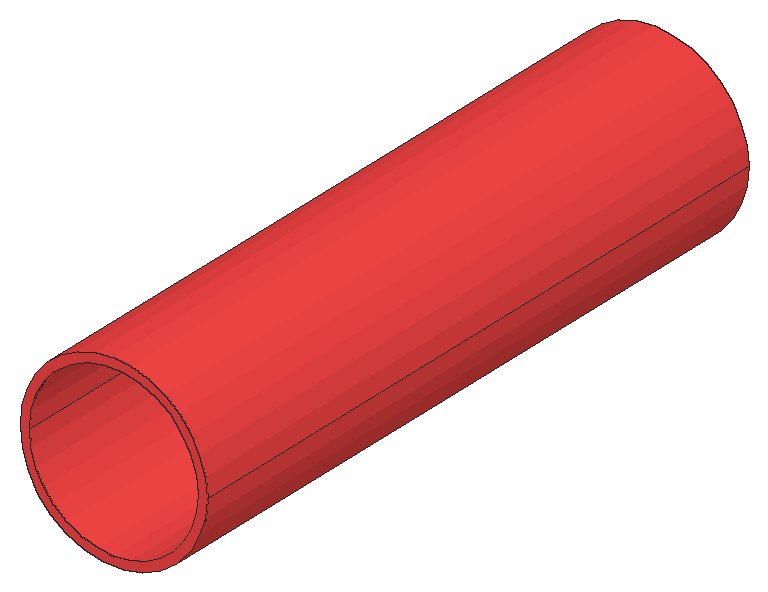
Revit family "M_Firefly Oversleeve_Ventilation", category Specialty Equipment, Revit 2015
Parameters (values of type "FF109 Firefly Oversleeve - Duct Ø75mm")
  Wall Width [instance] = 200 mm
  URL = "https://www.tenmat.com/passive-fire-protection"
  Tenmat Item Number = "I109BT00170067020000"
  Youtube clip = "https://www.youtube.com/watch?v=qLyTY9hMMF8&feature=youtu.be"
  Length Control [instance] = if(Length < 1 mm, 1 mm, (if(Length > 180 mm, 180 mm, Length)))  # 180 mm
  Conduit Material Suitability = "HDEP, UPVC, PVC,"
  Performance = "BS EN 1366-3:2009 & BS 476, ETA-12/0332, 1224-CPR-0341, CE Marked"
  OutsideRadius = InsideRadius + 4 mm  # 41.5 mm
  Model = ""
  Material = "Intumescent Sealant"
  Manufacturer = "Tenmat ltd"
  Length [instance] = Wall Width + 50 mm * 2  # 300 mm
  IFC Classification = "Building Element Proxy"
  InsideRadius = Duct Diameter / 2  # 37.5 mm
  Description = "FireFly 109 Fire Sleeve for 17mm pipe - 200mm Length"
  Duct Diameter = 75 mm
  Cut length [instance] = pi() * Duct Diameter  # 235.619 mm
  Assembly Code = ""
Reference planes
  plane 1 "Center (Front/Back)": y = 0
  plane 2: z = 0
  plane 3 "Center (Left/Right)": x = 0
  plane 4 "Back": y = 150
  plane 5 "Front": y = -150
  plane 6: y = 0.5
Forms (mm)
  Extrusion 1, solid, material "Tenmat"
    sketch origin (0, 0, 0) x (1, 0, 0) y (0, 0, 1)
      loop
        circle (0, 0) r 37.5
      loop
        circle (0, 0) r 41.5
    from -150 to 150
Dimensions and locks
  equal spacing: plane 4 "Back", plane 1 "Center (Front/Back)", plane 5 "Front"
  "Length": plane 4 "Back" to plane 5 "Front"
  "InsideRadius": radius of Extrusion 1 sketch curve
  "OutsideRadius": radius of Extrusion 1 sketch curve
  aligned and locked: level to plane 2
  aligned and locked: plane 3 "Center (Left/Right)" to Extrusion 1 sketch curve  (x2)
  aligned and locked: plane 2 to Extrusion 1 sketch curve  (x2)
  aligned and locked: plane 4 "Back" to Extrusion 1
  aligned and locked: plane 5 "Front" to Extrusion 1
